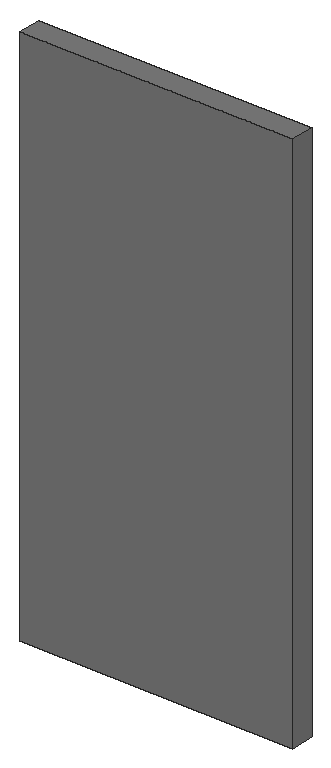
Revit family
Parameters (values of type "2"_2'x4' - Vertical")
  Width = 2' - 0"
  URL = "http://www.echoeliminator.com"
  Type Comments = "Echo Eliminator™ is the most cost effective acoustical absorbing material on the market. It alleviates echoes, reduces reverberation times and improves speech Intelligibility."
  Model = "Echo Eliminator"
  Material = Acoustical Surfaces - Charcoal
  Manufacturer = "Acoustical Surfaces Inc."
  Keynote = ""
  Height Above Floor = 4' - 0"
  Height = 4' - 0"
  Description = "Acoustical Wall Panel"
  Depth = 0' - 2"
  Cost = 5.5
  CSI No. = "09840"
  Assembly Code = "F1030100"
Types (15): name | Width | Height | Depth
  (no name) | 2' - 0" | 4' - 0" | 0' - 2"
  2"_2'x4' - Vertical | 2' - 0" | 4' - 0" | 0' - 2"
  2"_4'x8' - Vertical | 4' - 0" | 8' - 0" | 0' - 2"
  2"_1'x1' | 1' - 0" | 1' - 0" | 0' - 2"
  2"_2'x2' | 2' - 0" | 2' - 0" | 0' - 2"
  2"_4'x4' | 4' - 0" | 4' - 0" | 0' - 2"
  1"_4'x8' - Vertical | 4' - 0" | 8' - 0" | 0' - 1"
  1"_2'x4' - Vertical | 2' - 0" | 4' - 0" | 0' - 1"
  1"_2'x2' | 2' - 0" | 2' - 0" | 0' - 1"
  1"_4'x4' | 4' - 0" | 4' - 0" | 0' - 1"
  1"_1'x1' | 1' - 0" | 1' - 0" | 0' - 1"
  2"_4'x8' - Horizontal | 8' - 0" | 4' - 0" | 0' - 2"
  2"_2'x4' - Horizontal | 4' - 0" | 2' - 0" | 0' - 2"
  1"_4'x8' - Horizontal | 8' - 0" | 4' - 0" | 0' - 1"
  1"_2'x4' - Horizontal | 4' - 0" | 2' - 0" | 0' - 1"
Reference planes (in)
  plane 1: y = 0
  plane 2 "Center (Left/Right)": x = 8
  plane 3 "Back": y = 3
  plane 4: z = 96
  plane 5: z = 48
  plane 6: x = 20
  plane 7: x = -4
  plane 8: z = 72
  plane 9 "Wall Face": y = 3
  plane 10 "Panel Face": y = 5
Forms (in)
  Extrusion 1, solid, material "Acoustical Surfaces - Charcoal" <- "Material"
    sketch origin (0, 3, 0) x (0, 0, 1) y (-1, 0, 0)
      loop
        line (96, -20) -> (96, 4) -> (48, 4) -> (48, -20) -> (96, -20)
    from 0 to -2
Text (in)
  text "Placement Side" at (0, 40.15149, 123.01588), in view "Right"
  text "Placement Side" at (-58.6842, 42.74981, 0), in view "Ref. Level"
  text "Placement Side" at (0, 47.49176, 140.59947), in view "Left"
Dimensions and locks (in)
  locked: plane 3 "Back" to host wall
  "Height Above Floor": level to plane 5
  "Height": plane 5 to plane 4
  "Width": plane 7 to plane 6
  equal spacing: plane 6, plane 2 "Center (Left/Right)", plane 7
  equal spacing: plane 5, plane 8, plane 4
  "Depth": plane 10 "Panel Face" to plane 9 "Wall Face"
  aligned and locked: plane 9 "Wall Face" to host wall
  aligned and locked: Extrusion 1 to plane 10 "Panel Face"
Automatic sketch dimensions
  Extrusion 1 sketch curve to plane 5 = 0' - 0"
  Extrusion 1 sketch curve to plane 4 = 0' - 0"
  Extrusion 1 sketch curve to plane 6 = 0' - 0"
  Extrusion 1 sketch curve to plane 7 = 0' - 0"
